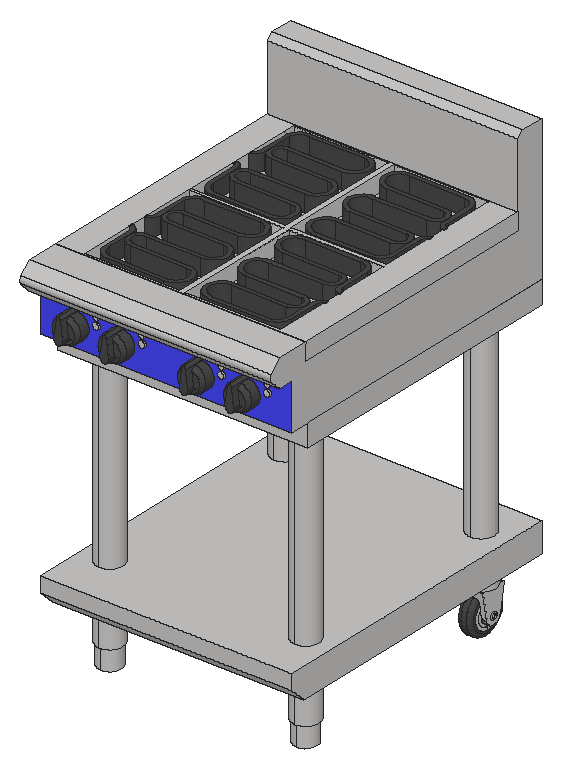
Revit family "QF_MOFFAT_BLUESEAL_CE_E514D-LS", category Specialty Equipment, Revit 2012 (continued)
Definition of nested family "ELECTRIC BURNER 600"
  Lines and regions (mm)
    symbolic lines
      curve 54: arc (246.212, -241.35, 0) -> (273.912, -269.05, 0) -> (246.212, -296.75, 0) r 27.7
      curve 55: line (246.212, -296.75, 0) -> (113.612, -296.75, 0)
      curve 56: arc (113.612, -296.75, 0) -> (94.459, -289.655, 0) -> (85.912, -271.104, 0) r 26.722
      curve 57: line (85.912, -271.104, 0) -> (85.912, -199.896, 0)
      curve 58: arc (85.912, -199.896, 0) -> (80.037, -184.005, 0) -> (65.612, -175.119, 0) r 25.973
      curve 59: line (65.612, -175.119, 0) -> (65.612, -185.532, 0)
      curve 60: arc (65.612, -185.532, 0) -> (72.964, -191.21, 0) -> (75.912, -200.019, 0) r 15.973
      curve 61: line (75.912, -200.019, 0) -> (75.912, -271.286, 0)
      curve 62: arc (75.912, -271.286, 0) -> (87.513, -296.851, 0) -> (113.784, -306.75, 0) r 36.722
      curve 63: line (113.784, -306.75, 0) -> (246.212, -306.75, 0)
      curve 64: arc (246.212, -306.75, 0) -> (283.912, -269.05, 0) -> (246.212, -231.35, 0) r 37.7
      curve 65: line (246.212, -231.35, 0) -> (113.612, -231.35, 0)
      curve 66: arc (113.612, -231.35, 0) -> (95.912, -213.65, 0) -> (113.612, -195.95, 0) r 17.7
      curve 67: line (113.612, -195.95, 0) -> (246.212, -195.95, 0)
      curve 68: arc (246.212, -195.95, 0) -> (283.912, -158.25, 0) -> (246.212, -120.55, 0) r 37.7
      curve 69: line (246.212, -120.55, 0) -> (113.612, -120.55, 0)
      curve 70: arc (113.612, -120.55, 0) -> (95.912, -102.85, 0) -> (113.612, -85.15, 0) r 17.7
      curve 71: line (113.612, -85.15, 0) -> (246.212, -85.15, 0)
      curve 72: arc (246.212, -85.15, 0) -> (283.912, -47.45, 0) -> (246.212, -9.75, 0) r 37.7
      curve 73: line (246.212, -9.75, 0) -> (113.784, -9.75, 0)
      curve 74: arc (113.784, -9.75, 0) -> (87.513, -19.649, 0) -> (75.912, -45.214, 0) r 36.722
      curve 75: line (75.912, -45.214, 0) -> (75.912, -116.493, 0)
      curve 76: arc (75.912, -116.493, 0) -> (72.972, -125.276, 0) -> (65.612, -130.9, 0) r 15.79
      curve 77: line (65.612, -130.9, 0) -> (65.612, -141.293, 0)
      curve 78: arc (65.612, -141.293, 0) -> (80.048, -132.472, 0) -> (85.912, -116.604, 0) r 25.79
      curve 79: line (85.912, -116.604, 0) -> (85.912, -45.396, 0)
      curve 80: arc (85.912, -45.396, 0) -> (94.459, -26.845, 0) -> (113.612, -19.75, 0) r 26.722
      curve 81: line (246.212, -387.65, 0) -> (114.862, -387.65, 0)
      curve 82: arc (114.862, -387.65, 0) -> (87.162, -415.35, 0) -> (114.862, -443.05, 0) r 27.7
      curve 83: line (114.862, -443.05, 0) -> (246.212, -443.05, 0)
      curve 84: arc (246.212, -443.05, 0) -> (273.912, -470.75, 0) -> (246.212, -498.45, 0) r 27.7
      curve 85: line (246.212, -498.45, 0) -> (114.862, -498.45, 0)
      curve 86: arc (114.862, -498.45, 0) -> (87.162, -526.15, 0) -> (114.862, -553.85, 0) r 27.7
      curve 87: line (114.862, -553.85, 0) -> (246.212, -553.85, 0)
      curve 88: arc (246.212, -553.85, 0) -> (273.912, -581.55, 0) -> (246.212, -609.25, 0) r 27.7
      curve 89: line (246.212, -609.25, 0) -> (113.612, -609.25, 0)
      curve 90: arc (113.612, -609.25, 0) -> (94.459, -602.155, 0) -> (85.912, -583.604, 0) r 26.722
      curve 91: line (85.912, -583.604, 0) -> (85.912, -512.396, 0)
      curve 92: arc (85.912, -512.396, 0) -> (79.848, -496.287, 0) -> (65, -487.582, 0) r 25.79
      curve 93: line (65, -487.582, 0) -> (65, -497.888, 0)
      curve 94: arc (65, -497.888, 0) -> (72.781, -503.462, 0) -> (75.912, -512.507, 0) r 15.79
      curve 95: line (75.912, -512.507, 0) -> (75.912, -583.786, 0)
      curve 96: arc (75.912, -583.786, 0) -> (87.513, -609.351, 0) -> (113.784, -619.25, 0) r 36.722
      curve 97: line (113.784, -619.25, 0) -> (246.212, -619.25, 0)
      curve 98: arc (246.212, -619.25, 0) -> (283.912, -581.55, 0) -> (246.212, -543.85, 0) r 37.7
      curve 99: line (246.212, -543.85, 0) -> (113.612, -543.85, 0)
      curve 100: arc (113.612, -543.85, 0) -> (95.912, -526.15, 0) -> (113.612, -508.45, 0) r 17.7
      curve 101: line (113.612, -508.45, 0) -> (246.212, -508.45, 0)
      curve 102: arc (246.212, -508.45, 0) -> (283.912, -470.75, 0) -> (246.212, -433.05, 0) r 37.7
      curve 103: line (246.212, -433.05, 0) -> (113.612, -433.05, 0)
      curve 104: arc (113.612, -433.05, 0) -> (95.912, -415.35, 0) -> (113.612, -397.65, 0) r 17.7
      curve 105: line (113.612, -397.65, 0) -> (246.212, -397.65, 0)
      curve 106: arc (246.212, -397.65, 0) -> (283.912, -359.95, 0) -> (246.212, -322.25, 0) r 37.7
      curve 107: line (246.212, -322.25, 0) -> (113.784, -322.25, 0)
      curve 108: arc (113.784, -322.25, 0) -> (87.513, -332.149, 0) -> (75.912, -357.714, 0) r 36.722
      curve 109: line (75.912, -357.714, 0) -> (75.912, -428.981, 0)
      curve 110: arc (75.912, -428.981, 0) -> (72.964, -437.79, 0) -> (65.612, -443.468, 0) r 15.973
      curve 111: line (65.612, -443.468, 0) -> (65.612, -453.881, 0)
      curve 112: arc (65.612, -453.881, 0) -> (80.037, -444.995, 0) -> (85.912, -429.104, 0) r 25.973
      curve 113: line (85.912, -429.104, 0) -> (85.912, -357.896, 0)
      curve 114: arc (85.912, -357.896, 0) -> (94.459, -339.345, 0) -> (113.612, -332.25, 0) r 26.722
      curve 115: line (113.612, -332.25, 0) -> (246.212, -332.25, 0)
      curve 116: arc (246.212, -332.25, 0) -> (273.912, -359.95, 0) -> (246.212, -387.65, 0) r 27.7
      curve 117: line (353.788, -397.65, 0) -> (486.388, -397.65, 0)
      curve 118: arc (486.388, -397.65, 0) -> (504.088, -415.35, 0) -> (486.388, -433.05, 0) r 17.7
      curve 119: line (486.388, -433.05, 0) -> (353.788, -433.05, 0)
      curve 120: arc (353.788, -433.05, 0) -> (316.088, -470.75, 0) -> (353.788, -508.45, 0) r 37.7
      curve 121: line (353.788, -508.45, 0) -> (486.388, -508.45, 0)
      curve 122: arc (486.388, -508.45, 0) -> (504.088, -526.15, 0) -> (486.388, -543.85, 0) r 17.7
      curve 123: line (486.388, -543.85, 0) -> (353.788, -543.85, 0)
      curve 124: arc (353.788, -543.85, 0) -> (316.088, -581.55, 0) -> (353.788, -619.25, 0) r 37.7
      curve 125: line (353.788, -619.25, 0) -> (486.216, -619.25, 0)
      curve 126: arc (486.216, -619.25, 0) -> (512.487, -609.351, 0) -> (524.088, -583.786, 0) r 36.722
      curve 127: line (524.088, -583.786, 0) -> (524.088, -512.507, 0)
      curve 128: arc (524.088, -512.507, 0) -> (527.219, -503.462, 0) -> (535, -497.888, 0) r 15.79
      curve 129: line (535, -497.888, 0) -> (535, -487.582, 0)
      curve 130: arc (535, -487.582, 0) -> (520.152, -496.287, 0) -> (514.088, -512.396, 0) r 25.79
      curve 131: line (514.088, -512.396, 0) -> (514.088, -583.604, 0)
      curve 132: arc (514.088, -583.604, 0) -> (505.541, -602.155, 0) -> (486.388, -609.25, 0) r 26.722
      curve 133: line (486.388, -609.25, 0) -> (353.788, -609.25, 0)
      curve 134: arc (353.788, -609.25, 0) -> (326.088, -581.55, 0) -> (353.788, -553.85, 0) r 27.7
      curve 135: line (353.788, -553.85, 0) -> (485.138, -553.85, 0)
      curve 136: arc (485.138, -553.85, 0) -> (512.838, -526.15, 0) -> (485.138, -498.45, 0) r 27.7
      curve 137: line (485.138, -498.45, 0) -> (353.788, -498.45, 0)
      curve 138: arc (353.788, -498.45, 0) -> (326.088, -470.75, 0) -> (353.788, -443.05, 0) r 27.7
      curve 139: line (353.788, -443.05, 0) -> (485.138, -443.05, 0)
      curve 140: arc (485.138, -443.05, 0) -> (512.838, -415.35, 0) -> (485.138, -387.65, 0) r 27.7
      curve 141: line (485.138, -387.65, 0) -> (353.788, -387.65, 0)
      curve 142: arc (353.788, -387.65, 0) -> (326.088, -359.95, 0) -> (353.788, -332.25, 0) r 27.7
      curve 143: line (353.788, -332.25, 0) -> (486.388, -332.25, 0)
      curve 144: arc (486.388, -332.25, 0) -> (505.541, -339.345, 0) -> (514.088, -357.896, 0) r 26.722
      curve 145: line (514.088, -357.896, 0) -> (514.088, -429.104, 0)
      curve 146: arc (514.088, -429.104, 0) -> (519.963, -444.995, 0) -> (534.388, -453.881, 0) r 25.973
      curve 147: line (534.388, -453.881, 0) -> (534.388, -443.468, 0)
      curve 148: arc (534.388, -443.468, 0) -> (527.036, -437.79, 0) -> (524.088, -428.981, 0) r 15.973
      curve 149: line (524.088, -428.981, 0) -> (524.088, -357.714, 0)
      curve 150: arc (524.088, -357.714, 0) -> (512.487, -332.149, 0) -> (486.216, -322.25, 0) r 36.722
      curve 151: line (486.216, -322.25, 0) -> (353.788, -322.25, 0)
      curve 152: arc (353.788, -322.25, 0) -> (316.088, -359.95, 0) -> (353.788, -397.65, 0) r 37.7
      curve 153: line (0, 0, 0) -> (0, -635, 0)
      curve 154: line (0, -635, 0) -> (600, -635, 0)
      curve 155: line (600, -635, 0) -> (600, 0, 0)
      curve 156: line (600, 0, 0) -> (0, 0, 0)
      curve 157: line (65.8, -320.251, 0) -> (294.362, -320.251, 0)
      curve 158: line (294.362, -320.251, 0) -> (294.362, -630, 0)
      curve 159: line (294.362, -630, 0) -> (65.8, -630, 0)
      curve 160: line (65.8, -630, 0) -> (65.8, -320.251, 0)
      curve 161: line (305.638, -320.251, 0) -> (534.388, -320.251, 0)
      curve 162: line (534.388, -320.251, 0) -> (534.388, -630, 0)
      curve 163: line (534.388, -630, 0) -> (305.638, -630, 0)
      curve 164: line (305.638, -630, 0) -> (305.638, -320.251, 0)
      curve 165: line (305.638, -312.651, 0) -> (305.638, -5, 0)
      curve 166: line (305.638, -5, 0) -> (534.388, -5, 0)
      curve 167: line (534.388, -5, 0) -> (534.388, -312.651, 0)
      curve 168: line (534.388, -312.651, 0) -> (305.638, -312.651, 0)
      curve 169: line (65.8, -312.651, 0) -> (65.8, -5, 0)
      curve 170: line (65.8, -5, 0) -> (294.362, -5, 0)
      curve 171: line (294.362, -5, 0) -> (294.362, -312.651, 0)
      curve 172: line (294.362, -312.651, 0) -> (65.8, -312.651, 0)
  Dimensions and locks
    equal spacing: plane 3 "LEFT", plane 7 "Center Y", plane 4 "RIGHT"
    plane 3 "LEFT" to plane 4 "RIGHT" = 600 mm
    equal spacing: plane 5 "FRONT", plane 8 "Center X", plane 1 "BACK"
    plane 5 "FRONT" to plane 1 "BACK" = 635 mm
    aligned and locked: level to plane 2
  Automatic sketch dimensions
    Extrusion 2 sketch curve to Extrusion 2 sketch curve = 0 mm  (x72)
    plane 1 "BACK" to Extrusion 2 sketch curve = 9.75 mm  (x2)
    Extrusion 2 sketch curve to Extrusion 2 sketch curve = 10 mm  (x4)
    plane 1 "BACK" to Extrusion 2 sketch curve = 45.214 mm  (x2)
    Extrusion 2 sketch curve to Extrusion 2 sketch curve = 0.182 mm  (x8)
    Extrusion 2 sketch curve to Extrusion 2 sketch curve = 1.058 mm  (x6)
    Extrusion 2 sketch curve to Extrusion 2 sketch curve = 26.704 mm  (x6)
    Extrusion 2 sketch curve to Extrusion 2 sketch curve = 27.7 mm  (x14)
    Extrusion 2 sketch curve to Extrusion 2 sketch curve = 17.7 mm  (x8)
    Extrusion 2 sketch curve to Extrusion 2 sketch curve = 4.457 mm  (x2)
    Extrusion 2 sketch curve to Extrusion 2 sketch curve = 0.4 mm  (x2)
    Extrusion 2 sketch curve to Extrusion 2 sketch curve = 0.111 mm  (x4)
    Extrusion 2 sketch curve to Extrusion 2 sketch curve = 14.806 mm  (x2)
    Extrusion 2 sketch curve to Extrusion 2 sketch curve = 10.393 mm  (x2)
    Extrusion 2 sketch curve to Extrusion 2 sketch curve = 33.826 mm  (x2)
    Extrusion 2 sketch curve to Extrusion 2 sketch curve = 10.413 mm  (x4)
    Extrusion 2 sketch curve to Extrusion 2 sketch curve = 14.364 mm  (x2)
    Extrusion 2 sketch curve to Extrusion 2 sketch curve = 0.123 mm  (x4)
    Extrusion 2 sketch curve to Extrusion 2 sketch curve = 0.447 mm  (x4)
    Extrusion 2 sketch curve to plane 8 "Center X" = 4.75 mm  (x2)
    Extrusion 2 sketch curve to plane 8 "Center X" = 40.214 mm  (x2)
    Extrusion 2 sketch curve to Extrusion 2 sketch curve = 4.516 mm  (x2)
    Extrusion 2 sketch curve to Extrusion 2 sketch curve = 14.934 mm  (x2)
    Extrusion 2 sketch curve to Extrusion 2 sketch curve = 33.7 mm  (x2)
    Extrusion 2 sketch curve to Extrusion 2 sketch curve = 10.306 mm  (x2)
    Extrusion 2 sketch curve to Extrusion 2 sketch curve = 14.508 mm  (x2)
    Extrusion 2 sketch curve to Extrusion 2 sketch curve = 15.019 mm  (x2)
    plane 3 "LEFT" to Extrusion 2 sketch curve = 59.946 mm  (x2)
    plane 3 "LEFT" to Extrusion 2 sketch curve = 60.128 mm  (x2)
    Extrusion 2 sketch curve to Extrusion 2 sketch curve = 4.872 mm
    Extrusion 2 sketch curve to Extrusion 2 sketch curve = 5.667 mm  (x2)
    Extrusion 2 sketch curve to Extrusion 2 sketch curve = 5.484 mm
    Extrusion 2 sketch curve to Extrusion 2 sketch curve = 26.701 mm  (x4)
    Extrusion 2 sketch curve to Extrusion 2 sketch curve = 0.999 mm  (x6)
    Extrusion 2 sketch curve to Extrusion 2 sketch curve = 0.156 mm  (x2)
    Extrusion 2 sketch curve to Extrusion 2 sketch curve = 0.625 mm  (x2)
    Extrusion 2 sketch curve to Extrusion 2 sketch curve = 1.25 mm  (x4)
    Extrusion 2 sketch curve to plane 7 "Center Y" = 53.788 mm  (x3)
    plane 7 "Center Y" to Extrusion 2 sketch curve = 53.788 mm  (x3)
    plane 4 "RIGHT" to Extrusion 2 sketch curve = 114.862 mm
    plane 4 "RIGHT" to Extrusion 2 sketch curve = 114.237 mm
    Extrusion 2 sketch curve to Extrusion 2 sketch curve = 1.078 mm
    plane 4 "RIGHT" to Extrusion 2 sketch curve = 113.784 mm
    Extrusion 2 sketch curve to Extrusion 2 sketch curve = 0.453 mm
    Extrusion 2 sketch curve to Extrusion 2 sketch curve = 0.016 mm
    Extrusion 2 sketch curve to Extrusion 2 sketch curve = 0.172 mm  (x4)
    curve 1 to plane 4 "RIGHT" = 0 mm
    curve 1 to plane 3 "LEFT" = 0 mm
    plane 5 "FRONT" to curve 1 = 0 mm
    plane 3 "LEFT" to curve 3 = 65.8 mm
    curve 5 to plane 5 "FRONT" = 0.299 mm
    curve 5 to plane 7 "Center Y" = 5.638 mm
    plane 7 "Center Y" to curve 5 = 5.638 mm
    curve 7 to plane 8 "Center X" = 2.751 mm
    plane 4 "RIGHT" to curve 7 = 65.612 mm
    curve 4 to plane 8 "Center X" = 2.751 mm
    curve 10 to curve 16 = 0 mm  (x2)
    curve 12 to curve 14 = 0 mm  (x2)
    curve 18 to curve 44 = 0 mm  (x2)
    curve 22 to curve 40 = 0 mm  (x2)
    curve 26 to curve 36 = 0 mm  (x2)
    curve 30 to curve 32 = 0 mm  (x2)
    plane 7 "Center Y" to curve 44 = 53.788 mm
    curve 40 to curve 18 = 0 mm
    curve 37 to curve 23 = 0 mm
    plane 4 "RIGHT" to curve 39 = 114.237 mm
    plane 8 "Center X" to curve 28 = 10.75 mm
    plane 1 "BACK" to curve 17 = 9.75 mm
    curve 16 to curve 42 = 0.016 mm
    curve 41 to curve 21 = 0.156 mm
    curve 27 to curve 35 = 0.172 mm
    curve 39 to curve 23 = 0.625 mm
    curve 16 to curve 10 = 0.172 mm
    curve 9 to curve 10 = 0.999 mm
    curve 34 to curve 28 = 0.999 mm
    curve 10 to curve 10 = 26.701 mm
    curve 23 to curve 33 = 27.7 mm
    curve 11 to curve 14 = 10 mm
    curve 33 to curve 30 = 10 mm
    curve 15 to curve 14 = 10.3 mm
    curve 29 to curve 31 = 10.3 mm
    curve 15 to curve 14 = 15.784 mm
    curve 29 to curve 32 = 15.967 mm
    curve 27 to curve 36 = 10 mm
    curve 35 to curve 36 = 27.7 mm
    curve 25 to curve 38 = 17.7 mm
    curve 38 to curve 24 = 0 mm
    curve 30 to curve 23 = 4.516 mm
    curve 30 to curve 30 = 0.447 mm
    curve 29 to curve 32 = 0.123 mm
    curve 39 to curve 40 = 27.7 mm
    curve 32 to curve 13 = 33.826 mm
    curve 12 to curve 14 = 10.393 mm
    curve 13 to curve 12 = 14.296 mm
    curve 20 to curve 20 = 17.7 mm
    curve 42 to curve 20 = 0 mm
    curve 16 to curve 9 = 26.704 mm
    curve 46 to curve 72 = 0 mm  (x2)
    curve 50 to curve 68 = 0 mm  (x2)
    curve 54 to curve 64 = 0 mm  (x2)
    curve 56 to curve 62 = 0 mm  (x2)
    curve 58 to curve 60 = 0 mm  (x2)
    curve 74 to curve 80 = 0 mm  (x2)
    curve 76 to curve 78 = 0 mm  (x2)
    plane 3 "LEFT" to curve 58 = 59.946 mm
    plane 3 "LEFT" to curve 78 = 60.128 mm
    curve 76 to curve 77 = 5.484 mm
    curve 58 to curve 60 = 5.667 mm
    curve 58 to curve 60 = 15.967 mm
    curve 60 to curve 58 = 10 mm
    curve 75 to curve 80 = 10 mm
    curve 79 to curve 80 = 26.701 mm
    curve 57 to curve 62 = 26.701 mm
    curve 57 to curve 66 = 27.7 mm
    curve 79 to curve 69 = 27.7 mm
    curve 56 to curve 56 = 0.999 mm
    curve 74 to curve 45 = 0.999 mm
    curve 70 to curve 49 = 0.156 mm
    curve 80 to curve 73 = 0.172 mm
    curve 55 to curve 63 = 0.172 mm
    curve 66 to curve 52 = 0.625 mm
    curve 64 to plane 7 "Center Y" = 53.788 mm
    curve 51 to curve 64 = 0 mm
    plane 1 "BACK" to curve 73 = 9.75 mm
    plane 8 "Center X" to curve 63 = 10.75 mm
    curve 62 to curve 55 = 10 mm
    curve 54 to curve 64 = 27.7 mm
    curve 65 to curve 52 = 17.7 mm
    curve 66 to curve 52 = 0 mm
    curve 58 to curve 66 = 4.516 mm
    curve 58 to curve 60 = 0.447 mm
    curve 60 to curve 58 = 0.123 mm
    curve 50 to curve 68 = 27.7 mm
    curve 58 to curve 77 = 33.826 mm
    curve 77 to curve 76 = 10.393 mm
    curve 76 to curve 78 = 14.296 mm
    curve 69 to curve 70 = 17.7 mm
    curve 70 to curve 48 = 0 mm
    curve 74 to curve 80 = 26.704 mm
    curve 84 to curve 102 = 0 mm  (x2)
    curve 88 to curve 98 = 0 mm  (x2)
    curve 90 to curve 96 = 0 mm  (x2)
    curve 92 to curve 94 = 0 mm  (x2)
    curve 106 to curve 116 = 0 mm  (x2)
    curve 108 to curve 114 = 0 mm  (x2)
    curve 110 to curve 112 = 0 mm  (x2)
    plane 3 "LEFT" to curve 110 = 59.946 mm
    plane 3 "LEFT" to curve 92 = 60.128 mm
    curve 92 to curve 92 = 4.872 mm
    curve 110 to curve 112 = 5.667 mm
    curve 2 to curve 96 = 10.112 mm
    curve 3 to curve 108 = 10.112 mm
    curve 110 to curve 112 = 10 mm
    curve 94 to curve 91 = 10 mm
    curve 91 to curve 96 = 26.701 mm
    curve 113 to curve 108 = 26.701 mm
    curve 90 to curve 90 = 0.999 mm
    curve 90 to curve 99 = 0.999 mm
    curve 112 to curve 103 = 27.7 mm
    curve 114 to plane 8 "Center X" = 14.75 mm
    curve 114 to curve 62 = 0.172 mm
    curve 115 to curve 108 = 0.172 mm
    curve 90 to curve 97 = 0.172 mm
    curve 104 to curve 82 = 1.25 mm
    curve 100 to curve 87 = 1.25 mm
    curve 85 to plane 7 "Center Y" = 53.788 mm
    curve 89 to plane 5 "FRONT" = 25.75 mm
    curve 89 to plane 7 "Center Y" = 53.788 mm
    curve 105 to curve 103 = 0 mm
    curve 97 to curve 90 = 10 mm
    curve 89 to curve 95 = 25.464 mm
    curve 89 to curve 88 = 27.7 mm
    curve 100 to curve 86 = 17.7 mm
    curve 100 to curve 86 = 0 mm
    curve 92 to curve 100 = 4.457 mm
    curve 92 to curve 94 = 0.4 mm
    curve 94 to curve 92 = 0.111 mm
    curve 84 to curve 84 = 27.7 mm
    curve 93 to curve 111 = 33.7 mm
    curve 112 to curve 110 = 10.413 mm
    curve 110 to curve 113 = 14.364 mm
    curve 103 to curve 104 = 17.7 mm
    curve 104 to curve 82 = 0 mm
    curve 108 to curve 114 = 26.704 mm
    curve 120 to curve 138 = 0 mm  (x2)
    curve 124 to curve 134 = 0 mm  (x2)
    curve 126 to curve 132 = 0 mm  (x2)
    curve 128 to curve 130 = 0 mm  (x2)
    curve 142 to curve 152 = 0 mm  (x2)
    curve 144 to curve 150 = 0 mm  (x2)
    curve 146 to curve 148 = 0 mm  (x2)
    plane 7 "Center Y" to curve 141 = 53.788 mm
    curve 139 to curve 117 = 0 mm
    curve 135 to curve 120 = 0 mm
    plane 4 "RIGHT" to curve 136 = 114.862 mm
    curve 139 to curve 136 = 0 mm
    curve 151 to plane 8 "Center X" = 4.75 mm
    curve 151 to curve 28 = 0 mm
    curve 126 to plane 5 "FRONT" = 15.75 mm
    curve 126 to curve 7 = 48.172 mm
    curve 126 to curve 132 = 0.172 mm
    curve 141 to curve 117 = 1.25 mm
    curve 151 to curve 143 = 0.172 mm
    curve 135 to curve 123 = 1.25 mm
    curve 144 to curve 144 = 0.999 mm
    curve 133 to curve 126 = 0.999 mm
    curve 144 to curve 144 = 26.701 mm
    curve 126 to curve 132 = 26.701 mm
    curve 130 to curve 128 = 10 mm
    curve 146 to curve 148 = 10 mm
    curve 148 to curve 148 = 10.3 mm
    curve 127 to curve 129 = 10.912 mm
    curve 127 to curve 128 = 15.784 mm
    curve 147 to curve 146 = 5.667 mm
    curve 126 to curve 133 = 10 mm
    curve 132 to curve 127 = 25.464 mm
    curve 133 to curve 124 = 27.7 mm
    curve 123 to curve 122 = 17.7 mm
    curve 136 to curve 122 = 0 mm
    curve 128 to curve 121 = 4.457 mm
    curve 128 to curve 127 = 0.4 mm
    curve 128 to curve 130 = 0.111 mm
    curve 137 to curve 120 = 27.7 mm
    curve 130 to curve 146 = 33.7 mm
    curve 147 to curve 147 = 10.413 mm
    curve 147 to curve 146 = 14.364 mm
    curve 119 to curve 118 = 17.7 mm
    curve 140 to curve 118 = 0 mm
    curve 144 to curve 143 = 26.704 mm
    plane 1 "BACK" to Extrusion 1 sketch curve = 0 mm
    Extrusion 1 sketch curve to plane 9 = 0 mm  (x2)
    Extrusion 1 sketch curve to plane 3 "LEFT" = 0 mm
    plane 5 "FRONT" to Extrusion 1 sketch curve = 0 mm
    Extrusion 1 sketch curve to plane 4 "RIGHT" = 0 mm
    plane 1 "BACK" to Extrusion 1 sketch curve = 5 mm  (x2)
    plane 8 "Center X" to Extrusion 1 sketch curve = 4.849 mm  (x2)
    Extrusion 1 sketch curve to plane 8 "Center X" = 2.751 mm  (x2)
    Extrusion 1 sketch curve to plane 5 "FRONT" = 5 mm  (x2)
    Extrusion 1 sketch curve to plane 7 "Center Y" = 5.638 mm  (x2)
    plane 7 "Center Y" to Extrusion 1 sketch curve = 5.638 mm  (x2)
    plane 4 "RIGHT" to Extrusion 1 sketch curve = 65.612 mm  (x2)
    plane 7 "Center Y" to curve 6 = 5.638 mm
    curve 4 to plane 7 "Center Y" = 5.638 mm
    curve 28 to curve 34 = 0 mm  (x2)
    curve 76 to curve 75 = 15.784 mm
    curve 45 to plane 7 "Center Y" = 53.788 mm
    curve 151 to curve 6 = 48.172 mm
    plane 4 "RIGHT" to curve 17 = 113.784 mm
    curve 55 to curve 62 = 25.464 mm
    curve 34 to curve 29 = 25.464 mm
    plane 1 "BACK" to curve 155 = 0 mm
    curve 159 to plane 5 "FRONT" = 5 mm
    curve 162 to plane 5 "FRONT" = 5 mm
    plane 7 "Center Y" to curve 166 = 5.638 mm
    curve 168 to curve 6 = 0 mm
    plane 8 "Center X" to curve 167 = 4.849 mm
    plane 1 "BACK" to curve 165 = 5 mm
    curve 172 to curve 3 = 0 mm
    curve 171 to plane 7 "Center Y" = 5.638 mm
    plane 8 "Center X" to curve 169 = 4.849 mm
    plane 1 "BACK" to curve 171 = 5 mm
